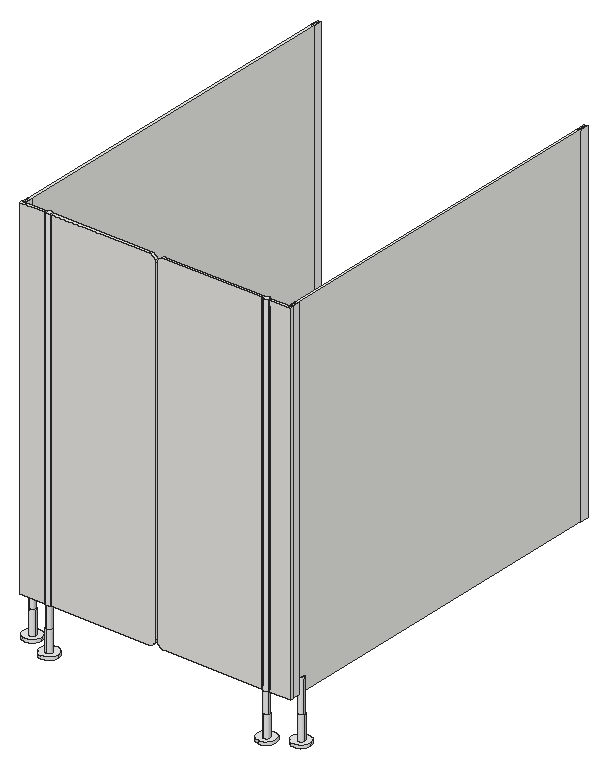
Revit family "Alsanit - Kabiny sanitarne AQUARI PRZEDSZKOLNE - HPL Wahadłowe", category Doors, Revit 2020
Family settings
  Work Plane-Based = No
  Always vertical = Yes
  Cut with Voids When Loaded = No
  Shared = No
  Room Calculation Point = No
Parameters (values of type "10 mm")
  Width = 0.00 mm  # constant formula
  Type Comments = "Kabiny sanitarne (ścianki giszetowe do WC)"
  Thickness = Grubość ścianki  # 10.00 mm
  Szerokość wewnętrzna modułu (min. 1000) [instance] = 1000.00 mm
  Szerokość wewnętrzna modułu [instance] = [Szerokość wewnętrzna modułu (min. 1000)]  # 1000.00 mm
  Szerokość drzwi (max. 1000 mm) [instance] = 800.00 mm
  Szelina prawa 1 = 23.00 mm  # constant formula
  Szczelina prawa 2 = 26.00 mm  # constant formula
  Szczelina obok drzwi prawa [instance] = 26.00 mm  # constant formula
  Szczelina obok drzwi lewa [instance] = 23.00 mm  # constant formula
  Szczelina lewa 2 = 23.00 mm  # constant formula
  Szczelina lewa 1 = 26.00 mm  # constant formula
  Rough Width = 0.00 mm  # constant formula
  Rough Height = 0.00 mm  # constant formula
  Podcięcie na geberit - prawe [instance] = no
  Podcięcie na geberit - prawa wartość [instance] = if([Podcięcie na geberit - prawe], [Szerokość wewnętrzna modułu (min. 1000)] / 2 + 50.00 mm, 5.00 mm)  # 5.00 mm
  Podcięcie na geberit - odsunięcie poziome wartość [instance] = if([Podcięcie na geberit - odsunięcie poziome] = 0.00 mm, 5.00 mm, [Podcięcie na geberit - odsunięcie poziome])  # 5.00 mm
  Podcięcie na geberit - odsunięcie poziome [instance] = 0.00 mm
  Podcięcie na geberit - odsunięcie pionowe wartość [instance] = if([Podcięcie na geberit - odsunięcie pionowe] = 0.00 mm, 5.00 mm, [Podcięcie na geberit - odsunięcie pionowe])  # 5.00 mm
  Podcięcie na geberit - odsunięcie pionowe [instance] = 0.00 mm
  Podcięcie na geberit - lewe [instance] = no
  Podcięcie na geberit - lewa wartość [instance] = if([Podcięcie na geberit - lewe], [Szerokość wewnętrzna modułu (min. 1000)] / 2 + 50.00 mm, 5.00 mm)  # 5.00 mm
  Odległość nóżki prawa [instance] = Szczelina obok drzwi prawa / 2  # 13.00 mm
  Odległość nóżki lewa [instance] = Szczelina obok drzwi lewa / 2  # 11.50 mm
  Nóżka grubość 2 [instance] = 24.00 mm  # constant formula
  Nózka grubość stopka [instance] = 70.00 mm  # constant formula
  Nożka grubość 1 [instance] = 20.00 mm  # constant formula
  Noga prawa widoczność [instance] = not([Połączenie - prawa strona] = Prawa strona przy ścianie typ)  # yes
  Noga lewa widoczność [instance] = [Połączenie - lewa strona] = Lewa strona zamknięta typ  # yes
  Krótki opis = "Kabiny sanitarne ALSANIT posiadające oznaczenie CE zgodnie z parametrami systemu"
  Height = 0.00 mm  # constant formula
  Function = Interior
  Film Instruktażowy = "https://youtu.be/qyrI1CfgFO4"
  Define Thermal Properties by = Schematic Type
  Construction Type = "Kabiny sanitarne"
  Analytic Construction = "<None>"
  Akcesoria - wzmocnienie pionowe prawe [instance] = [Odsunięcie prawej ścianki od osi (min. 60 mm)] > 399.00 mm  # no
  Akcesoria - wzmocnienie pionowe lewe [instance] = ([Szerokość wewnętrzna modułu (min. 1000)] - [Szerokość drzwi (max. 1000 mm)] - [Odsunięcie prawej ścianki od osi (min. 60 mm)]) > 400.00 mm  # no
  Wysokość ścianki łączącej [instance] = 1500.00 mm  # constant formula
  Szerokość zewnętrzna modułu [instance] = 1026.00 mm
  Szerokość obliczona [instance] = if(and(Lewa strona przy ścianie, Prawa strona przy ścianie), [Szerokość wewnętrzna modułu (min. 1000)] - 2 * (Grubość ścianki + 7.00 mm), if(or(Lewa strona przy ścianie, Prawa strona przy ścianie), [Szerokość wewnętrzna modułu (min. 1000)] - Grubość ścianki - 7.00 mm, [Szerokość wewnętrzna modułu (min. 1000)]))  # 1000.00 mm
  Odsunięcie górne ścianek frontowych [instance] = 0.00 mm  # constant formula
  Wysokość szczeliny drzwi [instance] = 170.00 mm  # constant formula
  Odsunięcie profili w ściance łączącej [instance] = 0.00 mm  # constant formula
  Wysokość modułu [instance] = 1500.00 mm  # constant formula
  Wysokość dolnej szczeliny [instance] = 170.00 mm  # constant formula
  Wysokość belek frontowych bocznych [instance] = 170.00 mm  # constant formula
  URL = "https://www.alsanit.pl/"
  Rodzaj płyt = "HPL - Wysokociśnieniowy laminat kompaktowy"
  Prawe odsunięcie belki dolnej [instance] = if(Prawa strona przy ścianie, 30.00 mm, 0.00 mm)  # 0.00 mm
  Prawa strona niepołączona [instance] = not(Prawa strona połączona)  # yes
  Model = "AQUARI"
  Manufacturer = "Alsanit"
  Lewe odsunięcie belki dolnej [instance] = if(Lewa strona przy ścianie, 30.00 mm, 0.00 mm)  # 0.00 mm
  Lewa strona niepołączona [instance] = not(Lewa strona połączona)  # yes
  Głębokość modułu (min. 1150mm - max. 1500 mm) [instance] = 1400.00 mm
  Głębokość modułu [instance] = if([Głębokość modułu (min. 1150mm - max. 1500 mm)] > 1500.00 mm, 1500.00 mm, [Głębokość modułu (min. 1150mm - max. 1500 mm)])  # 1400.00 mm
  Description = "Kabiny sanitarne to idealna kombinacja trwałości i estetyki w najnowszej cenie. Ze względu na estetyczność zastosowań jest najchętniej kupowanym systemem kabin sanitarnych w Polsce."
  Autor = "www.archispace.pl"
  Wysokość zawiasów [instance] = 1500.00 mm  # constant formula
  Ścianka łącząca [instance] = not(Prawa strona przy ścianie)  # yes
  Szerokość drzwi [instance] = if([Szerokość drzwi (max. 1000 mm)] > 1000.00 mm, 1000.00 mm, [Szerokość drzwi (max. 1000 mm)])  # 800.00 mm
  Prawe odsunięcie osi [instance] = if(Prawa strona zamknięta, Grubość ścianki / 2 + 3.00 mm, if(Prawa strona przy ścianie, Grubość ścianki / 2 + 7.00 mm, 0.00 mm))  # 8.00 mm
  Prawa strona zamknięta typ = Rodzaj połączenia : Zamknięta
  Prawa strona zamknięta [instance] = [Połączenie - prawa strona] = Prawa strona zamknięta typ  # yes
  Prawa strona przy ścianie typ = Rodzaj połączenia : Przy ścianie
  Prawa strona przy ścianie [instance] = [Połączenie - prawa strona] = Prawa strona przy ścianie typ  # no
  Prawa strona połączona typ = Rodzaj połączenia : Połączona
  Prawa strona połączona [instance] = [Połączenie - prawa strona] = Prawa strona połączona typ  # no
  Prawe odsunięcie osi panelu [instance] = if(Prawa strona przy ścianie, 10.00 mm, 0.00 mm)  # 0.00 mm
  Odsunięcie prawej ścianki od osi (min. 60 mm) [instance] = 100.00 mm
  Połączenie - prawa strona [instance] = Rodzaj połączenia : Zamknięta
  Materiał płyt = Alsanit - LPW - Biały 9016
  Materiał okuć = Alsanit - Aluminium
  Materiał wsporników = Alsanit - Aluminium
  Materiał belek = Alsanit - Aluminium
  Lewe odsunięcie osi panelu [instance] = if(Lewa strona przy ścianie, 10.00 mm, 0.00 mm)  # 0.00 mm
  Lewe odsunięcie osi [instance] = if(Lewa strona zamknięta, Grubość ścianki / 2 + 3.00 mm, if(Lewa strona przy ścianie, Grubość ścianki / 2 + 7.00 mm, 0.00 mm))  # 8.00 mm
  Lewa strona zamknięta typ = Rodzaj połączenia : Zamknięta
  Lewa strona zamknięta [instance] = [Połączenie - lewa strona] = Lewa strona zamknięta typ  # yes
  Lewa strona przy ścianie typ = Rodzaj połączenia : Przy ścianie
  Lewa strona przy ścianie [instance] = [Połączenie - lewa strona] = Lewa strona przy ścianie typ  # no
  Lewa strona połączona typ = Rodzaj połączenia : Połączona
  Lewa strona połączona [instance] = [Połączenie - lewa strona] = Lewa strona połączona typ  # no
  Odsunięcie lewej ścianki od osi (min. 60 mm) [instance] = 91.00 mm
  Połączenie - lewa strona [instance] = Rodzaj połączenia : Zamknięta
  Grubość ścianki = 10.00 mm
  Default Elevation = 0.00 mm
Types (2, lengths in mm): name | Thickness | Szerokość zewnętrzna modułu | Prawe odsunięcie osi | Lewe odsunięcie osi | Grubość ścianki
  10 mm | 10.00 | 1026.00 | 8.00 | 8.00 | 10.00
  12 mm | 12.00 | 1030.00 | 9.00 | 9.00 | 12.00
Reference planes
  plane 1 "Center (Front/Back)": y = 0
  plane 2: z = 0
  plane 3 "Center (Left/Right)": x = 0
  plane 4: x = -500
  plane 5: x = 500
  plane 6: x = 505
  plane 7: x = 510
  plane 8: x = -505
  plane 9: x = -510
  plane 10: y = -1400
  plane 11: y = -1410
  plane 12: y = -10
  plane 13: y = -1394
  plane 14: y = -1405
  plane 15 "Lewa oś wstawienia": x = -513
  plane 16 "Prawa oś wstawienia": x = 513
  plane 17: y = -1334.5
  plane 18: x = 431
  plane 19: x = 405
  plane 20: x = -395
  plane 21: x = -418
  plane 22 "Prawe odsunięcie osi panelu": x = 513
  plane 23 "Lewe odsunięcie osi panelu": x = -513
  plane 24: x = 5
  plane 25: z = 170
  plane 26 "Wysokość modułu": z = 1500
  plane 27 "Odsunięcie górne ścianek frontowych": z = 1500
  plane 28: y = -1398.5
  plane 29: x = -513
  plane 30: x = 513
  plane 31: z = 100
  plane 32: z = 225.5
  plane 33: z = 1470
  plane 34: z = 170
  plane 35: x = -513
  plane 36: x = 513
  plane 37: z = 170
  plane 38: z = 1500
  plane 39: z = 1470
  plane 40: z = 1470
  plane 41: z = 1500
  plane 42: z = 1500
  plane 43: z = 1470
  plane 44: x = 606
  plane 45: x = -600
  plane 46: z = 1500
  plane 47: z = 1500
  plane 48: z = 1500
  plane 49: z = 1500
  plane 50: x = -605
  plane 51: x = -595
  plane 52: x = 601
  plane 53: x = 611
  plane 54: x = -5
  plane 55: x = 5
  plane 56: z = 5
  plane 57: y = -5
  plane 58: z = 5
  plane 59: y = -5
  plane 60: y = -1355
  plane 61: z = 10
  plane 62: z = 10
Forms (mm)
  Sweep 1, solid, material "Alsanit - LPW - Biały 9016" <- "Materiał płyt", visible <- "Ścianka łącząca"
    path origin (0, 0, 0) x (1, 0, 0) y (0, 0, 1)
      loop
        line (505, 170) -> (505, 1500)
    profile origin (505, 0, 835) x (-1, 0, 0) y (0, -1, 0)
      loop
        line (5, 10) -> (5, 1394) -> (-5, 1394) -> (-5, 10) -> (5, 10)
  Sweep 2, solid, material "Alsanit - LPW - Biały 9016" <- "Materiał płyt", visible <- "Lewa strona zamknięta"
    path origin (0, 0, 0) x (-1, 0, 0) y (0, 0, 1)
      loop
        line (505, 170) -> (505, 1500)
    profile origin (-505, 0, 835) x (-1, 0, 0) y (0, -1, 0)
      loop
        line (-5, 10) -> (5, 10) -> (5, 1394) -> (-5, 1394) -> (-5, 10)
  Sweep 3, solid, material "Alsanit - Aluminium" <- "Materiał belek", visible <- "Ścianka łącząca", detail levels medium+fine
    path origin (0, 0, 0) x (1, 0, 0) y (0, 0, 1)
      loop
        line (505, 1500) -> (505, 170)
    profile "U-profile : U-profile" origin (505, 0, 835) x (1, 0, 0) y (0, -1, 0)
      loop
        line (6.5, 0) -> (6.5, 30) -> (5, 30) -> (5, 1.5) -> (-5, 1.5) -> (-5, 30) -> (-6.5, 30) -> (-6.5, 0) -> (6.5, 0)
  Sweep 4, solid, material "Alsanit - Aluminium" <- "Materiał belek", visible <- "Lewa strona zamknięta", detail levels medium+fine
    path origin (0, 0, 0) x (-1, 0, 0) y (0, 0, 1)
      loop
        line (505, 1500) -> (505, 170)
    profile "U-profile : U-profile" origin (-505, 0, 835) x (1, 0, 0) y (0, -1, 0)
      loop
        line (6.5, 0) -> (6.5, 30) -> (5, 30) -> (5, 1.5) -> (-5, 1.5) -> (-5, 30) -> (-6.5, 30) -> (-6.5, 0) -> (6.5, 0)
  Sweep 5, solid, material "Alsanit - Aluminium" <- "Materiał belek", visible <- "Lewa strona zamknięta", detail levels medium+fine
    path origin (673.537, -1400, 1200) x (1, 0, 0) y (0, 0, 1)
      loop
        line (-1178.537, 300) -> (-1178.537, -1030)
    profile "U-profile : U-profile" origin (-505, -1400, 835) x (1, 0, 0) y (0, -1, 0)
      loop
        line (-6.5, 0) -> (-6.5, -30) -> (-5, -30) -> (-5, -1.5) -> (5, -1.5) -> (5, -30) -> (6.5, -30) -> (6.5, 0) -> (-6.5, 0)
  Sweep 6, solid, material "Alsanit - Aluminium" <- "Materiał belek", visible <- "Ścianka łącząca", detail levels medium+fine
    path origin (673.537, -1400, 1200) x (1, 0, 0) y (0, 0, 1)
      loop
        line (-168.537, 300) -> (-168.537, -1030)
    profile "U-profile : U-profile" origin (505, -1400, 835) x (1, 0, 0) y (0, -1, 0)
      loop
        line (-6.5, 0) -> (-6.5, -30) -> (-5, -30) -> (-5, -1.5) -> (5, -1.5) -> (5, -30) -> (6.5, -30) -> (6.5, 0) -> (-6.5, 0)
  Extrusion 7, solid, material "Alsanit - LPW - Biały 9016" <- "Materiał płyt", detail levels medium+fine
    sketch origin (0, 0, 0) x (1, 0, 0) y (0, 1, 0)
      loop
        line (-513, -1400) -> (-513, -1410) -> (-418, -1410) -> (-418, -1400) -> (-513, -1400)
    from 170 to 1500
  Extrusion 8, solid, material "Alsanit - LPW - Biały 9016" <- "Materiał płyt", detail levels medium+fine
    sketch origin (0, 0, 0) x (-1, 0, 0) y (0, -1, 0)
      loop
        line (-513, 1400) -> (-431, 1400) -> (-431, 1410) -> (-513, 1410) -> (-513, 1400)
    from 170 to 1500
  Sweep 9, solid, material "Alsanit - Aluminium" <- "Materiał belek", visible <- "Lewa strona przy ścianie", detail levels medium+fine
    path origin (-771.956, -1405, 1200) x (-1, 0, 0) y (0, 0, 1)
      loop
        line (-258.956, -1030) -> (-258.956, 270)
    profile "U-profile : U-profile" origin (-513, -1405, 820) x (1, 0, 0) y (0, 1, 0)
      loop
        line (0, -6.5) -> (30, -6.5) -> (30, -5) -> (1.5, -5) -> (1.5, 5) -> (30, 5) -> (30, 6.5) -> (0, 6.5) -> (0, -6.5)
  Sweep 10, solid, material "Alsanit - Aluminium" <- "Materiał belek", visible <- "Prawa strona przy ścianie", detail levels medium+fine
    path origin (771.956, -1405, 1200) x (1, 0, 0) y (0, 0, -1)
      loop
        line (-258.956, 1030) -> (-258.956, -270)
    profile "U-profile : U-profile" origin (513, -1405, 820) x (1, 0, 0) y (0, 1, 0)
      loop
        line (0, 6.5) -> (-30, 6.5) -> (-30, 5) -> (-1.5, 5) -> (-1.5, -5) -> (-30, -5) -> (-30, -6.5) -> (0, -6.5) -> (0, 6.5)
  Extrusion 11, solid, material "Alsanit - LPW - Biały 9016" <- "Materiał płyt", detail levels coarse
    sketch origin (0, 0, 0) x (1, 0, 0) y (0, 1, 0)
      loop
        line (-513, -1400) -> (-513, -1410) -> (513, -1410) -> (513, -1400) -> (-513, -1400)
    from 170 to 1500
  Sweep 12, solid, material "Alsanit - LPW - Biały 9016" <- "Materiał płyt", visible <- "Akcesoria - wzmocnienie pionowe prawe", detail levels medium+fine
    path origin (-771.956, -1405, 1200) x (-1, 0, 0) y (0, 0, 1)
      loop
        line (-1377.956, -1030) -> (-1377.956, 300)
    profile origin (606, -1405, 835) x (1, 0, 0) y (0, 1, 0)
      loop
        line (-5, 11) -> (5, 11) -> (5, 106) -> (-5, 106) -> (-5, 11)
  Sweep 13, solid, material "Alsanit - Aluminium" <- "Materiał belek", visible <- "Akcesoria - wzmocnienie pionowe prawe", detail levels medium+fine
    path origin (673.537, -1400, 1200) x (1, 0, 0) y (0, 0, 1)
      loop
        line (-67.537, -1030) -> (-67.537, 300)
    profile "U-profile : U-profile" origin (606, -1400, 835) x (-1, 0, 0) y (0, -1, 0)
      loop
        line (-6.5, 0) -> (-6.5, -30) -> (-5, -30) -> (-5, -1.5) -> (5, -1.5) -> (5, -30) -> (6.5, -30) -> (6.5, 0) -> (-6.5, 0)
  Sweep 14, solid, material "Alsanit - LPW - Biały 9016" <- "Materiał płyt", visible <- "Akcesoria - wzmocnienie pionowe lewe", detail levels medium+fine
    path origin (1162.956, -1405, 1200) x (1, 0, 0) y (0, 0, -1)
      loop
        line (-1762.956, 1030) -> (-1762.956, -300)
    profile origin (-600, -1405, 835) x (1, 0, 0) y (0, 1, 0)
      loop
        line (5, 11) -> (5, 106) -> (-5, 106) -> (-5, 11) -> (5, 11)
  Sweep 15, solid, material "Alsanit - Aluminium" <- "Materiał belek", visible <- "Akcesoria - wzmocnienie pionowe lewe", detail levels medium+fine
    path origin (673.537, -1400, 1200) x (1, 0, 0) y (0, 0, 1)
      loop
        line (-1273.537, -1030) -> (-1273.537, 300)
    profile "U-profile : U-profile" origin (-600, -1400, 835) x (-1, 0, 0) y (0, -1, 0)
      loop
        line (6.5, 0) -> (-6.5, 0) -> (-6.5, -30) -> (-5, -30) -> (-5, -1.5) -> (5, -1.5) -> (5, -30) -> (6.5, -30) -> (6.5, 0)
  Sweep 16, void
    path origin (0, 0, 0) x (1, 0, 0) y (0, 1, 0)
      loop
        line (0, 0) -> (-5, 0)
    profile origin (-2.5, 0, 0) x (0, -1, 0) y (0, 0, 1)
      loop
        line (0, 5) -> (0, 0) -> (5, 0) -> (5, 5) -> (0, 5)
  Sweep 17, void
    path origin (0, 0, 0) x (-1, 0, 0) y (0, -1, 0)
      loop
        line (0, 0) -> (-5, 0)
    profile origin (2.5, 0, 0) x (0, 1, 0) y (0, 0, 1)
      loop
        line (0, 5) -> (-5, 5) -> (-5, 0) -> (0, 0) -> (0, 5)
  Sweep 18, solid, material "Alsanit - Aluminium" <- "Materiał wsporników", visible <- "Lewa strona zamknięta"
    path origin (-771.956, -1405, 1200) x (-1, 0, 0) y (0, 0, 1)
      loop
        line (-266.956, -974.5) -> (-266.956, -1100)
    profile origin (-505, -1405, 162.75) x (0, 1, 0) y (-1, 0, 0)
      loop
        circle (50, 5) r 10
  Sweep 19, solid, material "Alsanit - Aluminium" <- "Materiał wsporników", visible <- "Lewa strona zamknięta"
    path origin (-771.956, -1405, 1200) x (-1, 0, 0) y (0, 0, 1)
      loop
        line (-266.956, -1190) -> (-266.956, -1100)
    profile origin (-505, -1405, 55) x (1, 0, 0) y (0, 1, 0)
      loop
        circle (-5, 50) r 12
  Sweep 20, solid, material "Alsanit - Aluminium" <- "Materiał wsporników", visible <- "Lewa strona zamknięta"
    path origin (-771.956, -1405, 1200) x (-1, 0, 0) y (0, 0, 1)
      loop
        line (-266.956, -1200) -> (-266.956, -1190)
    profile origin (-505, -1405, 5) x (1, 0, 0) y (0, 1, 0)
      loop
        circle (-5, 50) r 35
  Sweep 21, solid, material "Alsanit - Aluminium" <- "Materiał wsporników", visible <- "Prawa strona zamknięta"
    path origin (-771.956, -1405, 1200) x (-1, 0, 0) y (0, 0, 1)
      loop
        line (-1276.956, -1100) -> (-1276.956, -974.5)
    profile origin (505, -1405, 162.75) x (1, 0, 0) y (0, 1, 0)
      loop
        circle (5, 50) r 10
  Sweep 22, solid, material "Alsanit - Aluminium" <- "Materiał wsporników", visible <- "Prawa strona zamknięta"
    path origin (-771.956, -1405, 1200) x (-1, 0, 0) y (0, 0, 1)
      loop
        line (-1276.956, -1190) -> (-1276.956, -1100)
    profile origin (505, -1405, 55) x (1, 0, 0) y (0, 1, 0)
      loop
        circle (5, 50) r 12
  Sweep 23, solid, material "Alsanit - Aluminium" <- "Materiał wsporników", visible <- "Prawa strona zamknięta"
    path origin (-771.956, -1405, 1200) x (-1, 0, 0) y (0, 0, 1)
      loop
        line (-1276.956, -1200) -> (-1276.956, -1190)
    profile origin (505, -1405, 5) x (1, 0, 0) y (0, 1, 0)
      loop
        circle (5, 50) r 35
  Sweep 24, solid, material "Alsanit - Aluminium" <- "Materiał wsporników", visible <- "Akcesoria - wzmocnienie pionowe lewe"
    path origin (-771.956, -1405, 1200) x (-1, 0, 0) y (0, 0, 1)
      loop
        line (-171.956, -1030) -> (-171.956, -1100)
    profile origin (-600, -1405, 135) x (0, 1, 0) y (-1, 0, 0)
      loop
        circle (50, 0) r 10
  Sweep 25, solid, material "Alsanit - Aluminium" <- "Materiał wsporników", visible <- "Akcesoria - wzmocnienie pionowe lewe"
    path origin (-771.956, -1405, 1200) x (-1, 0, 0) y (0, 0, 1)
      loop
        line (-171.956, -1190) -> (-171.956, -1100)
    profile origin (-600, -1405, 55) x (1, 0, 0) y (0, 1, 0)
      loop
        circle (0, 50) r 12
  Sweep 26, solid, material "Alsanit - Aluminium" <- "Materiał wsporników", visible <- "Akcesoria - wzmocnienie pionowe lewe"
    path origin (-771.956, -1405, 1200) x (-1, 0, 0) y (0, 0, 1)
      loop
        line (-171.956, -1200) -> (-171.956, -1190)
    profile origin (-600, -1405, 5) x (1, 0, 0) y (0, 1, 0)
      loop
        circle (0, 50) r 35
  Sweep 27, solid, material "Alsanit - Aluminium" <- "Materiał wsporników", visible <- "Akcesoria - wzmocnienie pionowe prawe"
    path origin (-771.956, -1405, 1200) x (-1, 0, 0) y (0, 0, 1)
      loop
        line (-1377.956, -1030) -> (-1377.956, -1100)
    profile origin (606, -1405, 135) x (0, 1, 0) y (-1, 0, 0)
      loop
        circle (50, 0) r 10
  Sweep 28, solid, material "Alsanit - Aluminium" <- "Materiał wsporników", visible <- "Akcesoria - wzmocnienie pionowe prawe"
    path origin (-771.956, -1405, 1200) x (-1, 0, 0) y (0, 0, 1)
      loop
        line (-1377.956, -1100) -> (-1377.956, -1190)
    profile origin (606, -1405, 55) x (0, 1, 0) y (-1, 0, 0)
      loop
        circle (50, 0) r 12
  Sweep 29, solid, material "Alsanit - Aluminium" <- "Materiał wsporników", visible <- "Akcesoria - wzmocnienie pionowe prawe"
    path origin (-771.956, -1405, 1200) x (-1, 0, 0) y (0, 0, 1)
      loop
        line (-1377.956, -1200) -> (-1377.956, -1190)
    profile origin (606, -1405, 5) x (1, 0, 0) y (0, 1, 0)
      loop
        circle (0, 50) r 35
Cuts and joins
  Sweep 16 cuts Sweep 4
  Sweep 16 cuts Sweep 2
  Sweep 17 cuts Sweep 1
  Sweep 17 cuts Sweep 3
  joined: Sweep 18, Sweep 19, Sweep 20
  joined: Sweep 21, Sweep 22, Sweep 23
  joined: Sweep 24, Sweep 25, Sweep 26
  joined: Sweep 27, Sweep 28, Sweep 29
Lines and regions (mm)
  model lines, style "Doors", detail levels medium+fine
    curve 1: line (431, -1410, 1500) -> (431, -1410, 170)
    curve 3: line (513, -1410, 1500) -> (431, -1410, 1500)
    curve 6: line (-418, -1410, 170) -> (-418, -1410, 1500)
    curve 7: line (-418, -1410, 1500) -> (-513, -1410, 1500)
    curve 10: line (-418, -1400, 170) -> (-418, -1410, 170)
    curve 11: line (431, -1400, 170) -> (431, -1410, 170)
    curve 14: line (-418, -1400, 1500) -> (-418, -1410, 1500)
    curve 15: line (431, -1400, 1500) -> (431, -1410, 1500)
    curve 17: line (431, -1400, 1500) -> (431, -1400, 170)
    curve 19: line (513, -1400, 1500) -> (431, -1400, 1500)
    curve 20: line (431, -1400, 170) -> (513, -1400, 170)
    curve 22: line (-418, -1400, 170) -> (-418, -1400, 1500)
    curve 23: line (-418, -1400, 1500) -> (-513, -1400, 1500)
    curve 24: line (-513, -1400, 170) -> (-418, -1400, 170)
  model lines, style "Doors", visible <- "Prawa strona niepołączona", detail levels medium+fine
    curve 2: line (513, -1410, 170) -> (513, -1410, 1500)
    curve 12: line (513, -1400, 170) -> (513, -1410, 170)
    curve 16: line (513, -1400, 1500) -> (513, -1410, 1500)
    curve 18: line (513, -1400, 170) -> (513, -1400, 1500)
  model lines, style "Doors"
    curve 4: line (431, -1410, 170) -> (513, -1410, 170)
    curve 8: line (-513, -1410, 170) -> (-418, -1410, 170)
  model lines, style "Doors", visible <- "Lewa strona niepołączona", detail levels medium+fine
    curve 5: line (-513, -1410, 1500) -> (-513, -1410, 170)
    curve 9: line (-513, -1400, 170) -> (-513, -1410, 170)
    curve 13: line (-513, -1400, 1500) -> (-513, -1410, 1500)
    curve 21: line (-513, -1400, 1500) -> (-513, -1400, 170)
Dimensions and locks
  equal spacing: plane 5, plane 6, plane 7
  "Grubość ścianki": plane 5 to plane 7
  equal spacing: plane 9, plane 8, plane 4
  "Grubość ścianki": plane 9 to plane 4
  "Głębokość modułu": plane 10 to plane 1 "Center (Front/Back)"
  "Grubość ścianki": plane 11 to plane 10
  locked: plane 12 to plane 1 "Center (Front/Back)" at 10
  locked: plane 10 to plane 13 at 6
  equal spacing: plane 10, plane 14, plane 11
  equal spacing: plane 4, plane 3 "Center (Left/Right)", plane 5
  "Szerokość obliczona": plane 4 to plane 5
  "Lewe odsunięcie osi": plane 15 "Lewa oś wstawienia" to plane 8
  "Prawe odsunięcie osi": plane 6 to plane 16 "Prawa oś wstawienia"
  locked: plane 10 to plane 17 at 65.5
  "Szerokość drzwi": plane 20 to plane 19
  equal spacing: plane 20, plane 24, plane 19
  "Wysokość modułu": plane 26 "Wysokość modułu" to plane 2
  locked: plane 10 to plane 28 at 1.5
  "Wysokość dolnej szczeliny": plane 25 to level
  locked: plane 31 to plane 2 at 100
  plane 15 "Lewa oś wstawienia" to plane 29 = 0.00 mm
  plane 30 to plane 16 "Prawa oś wstawienia" = 0.00 mm
  locked: plane 32 to plane 25 at 55.5
  locked: plane 26 "Wysokość modułu" to plane 33 at 30
  "Lewe odsunięcie osi panelu": plane 15 "Lewa oś wstawienia" to plane 23 "Lewe odsunięcie osi panelu"
  "Prawe odsunięcie osi panelu": plane 22 "Prawe odsunięcie osi panelu" to plane 16 "Prawa oś wstawienia"
  plane 34 to plane 25 = 0.00 mm
  "Lewe odsunięcie belki dolnej": plane 15 "Lewa oś wstawienia" to plane 35
  "Prawe odsunięcie belki dolnej": plane 36 to plane 16 "Prawa oś wstawienia"
  "Wysokość belek frontowych bocznych": plane 37 to plane 2
  "Wysokość ścianki łączącej": plane 38 to level
  plane 26 "Wysokość modułu" to plane 39 = 30.00 mm
  plane 26 "Wysokość modułu" to plane 40 = 30.00 mm
  "Odsunięcie górne ścianek frontowych": plane 26 "Wysokość modułu" to plane 27 "Odsunięcie górne ścianek frontowych"
  "Odsunięcie profili w ściance łączącej": plane 38 to plane 41
  "Odsunięcie profili w ściance łączącej": plane 38 to plane 42
  plane 26 "Wysokość modułu" to plane 43 = 30.00 mm
  "Szerokość zewnętrzna modułu": plane 15 "Lewa oś wstawienia" to plane 16 "Prawa oś wstawienia"
  plane 48 to level = 1500.00 mm
  plane 49 to level = 1500.00 mm
  equal spacing: plane 50, plane 45, plane 51
  "Grubość ścianki": plane 50 to plane 51
  equal spacing: plane 52, plane 44, plane 53
  "Grubość ścianki": plane 52 to plane 53
  "Podcięcie na geberit - lewa wartość": plane 54 to plane 3 "Center (Left/Right)"
  "Podcięcie na geberit - prawa wartość": plane 3 "Center (Left/Right)" to plane 55
  "Podcięcie na geberit - odsunięcie poziome wartość": plane 1 "Center (Front/Back)" to plane 57
  "Podcięcie na geberit - odsunięcie pionowe wartość": plane 56 to level
  "Podcięcie na geberit - odsunięcie pionowe wartość": plane 58 to level
  "Podcięcie na geberit - odsunięcie poziome wartość": plane 1 "Center (Front/Back)" to plane 59
  locked: plane 10 to plane 60 at 45
  equal spacing: Sweep 18 sketch curve, plane 60, Sweep 18 sketch curve
  equal spacing: Sweep 19 sketch curve, plane 60, Sweep 19 sketch curve
  equal spacing: Sweep 20 sketch curve, plane 60, Sweep 20 sketch curve
  equal spacing: Sweep 21 sketch curve, plane 60, Sweep 21 sketch curve
  equal spacing: Sweep 22 sketch curve, plane 60, Sweep 22 sketch curve
  equal spacing: Sweep 23 sketch curve, plane 60, Sweep 23 sketch curve
  "Szczelina obok drzwi lewa": plane 21 to plane 20
  "Szczelina obok drzwi prawa": plane 19 to plane 18
  "Odsunięcie prawej ścianki od osi (min. 60 mm)": plane 19 to plane 6
  plane 20 to plane 8 = 110.00 mm
  locked: plane 19 to plane 44 at 201
  locked: plane 45 to plane 20 at 205
  equal spacing: Sweep 24 sketch curve, plane 60, Sweep 24 sketch curve
  equal spacing: Sweep 24 sketch curve, plane 45, Sweep 24 sketch curve
  equal spacing: Sweep 25 sketch curve, plane 60, Sweep 25 sketch curve
  equal spacing: Sweep 25 sketch curve, plane 45, Sweep 25 sketch curve
  equal spacing: Sweep 26 sketch curve, plane 45, Sweep 26 sketch curve
  equal spacing: Sweep 26 sketch curve, plane 60, Sweep 26 sketch curve
  equal spacing: Sweep 27 sketch curve, plane 60, Sweep 27 sketch curve
  equal spacing: Sweep 27 sketch curve, plane 44, Sweep 27 sketch curve
  equal spacing: Sweep 28 sketch curve, plane 60, Sweep 28 sketch curve
  equal spacing: Sweep 28 sketch curve, plane 44, Sweep 28 sketch curve
  equal spacing: Sweep 29 sketch curve, plane 60, Sweep 29 sketch curve
  equal spacing: Sweep 29 sketch curve, plane 44, Sweep 29 sketch curve
  equal spacing: Sweep 18 sketch curve, plane 9, Sweep 18 sketch curve
  equal spacing: Sweep 19 sketch curve, plane 9, Sweep 19 sketch curve
  equal spacing: Sweep 20 sketch curve, plane 9, Sweep 20 sketch curve
  equal spacing: Sweep 23 sketch curve, plane 7, Sweep 23 sketch curve
  equal spacing: Sweep 22 sketch curve, plane 7, Sweep 22 sketch curve
  equal spacing: Sweep 21 sketch curve, plane 7, Sweep 21 sketch curve
  "Nożka grubość 1": diameter of Sweep 18 sketch curve
  "Nóżka grubość 2": diameter of Sweep 19 sketch curve
  "Nózka grubość stopka": diameter of Sweep 20 sketch curve
  "Nożka grubość 1": diameter of Sweep 24 sketch curve
  "Nóżka grubość 2": diameter of Sweep 25 sketch curve
  "Nózka grubość stopka": diameter of Sweep 26 sketch curve
  "Nożka grubość 1": diameter of Sweep 27 sketch curve
  "Nóżka grubość 2": diameter of Sweep 28 sketch curve
  "Nózka grubość stopka": diameter of Sweep 29 sketch curve
  diameter of Sweep 23 sketch curve = 70.00 mm
  "Nóżka grubość 2": diameter of Sweep 22 sketch curve
  "Nożka grubość 1": diameter of Sweep 21 sketch curve
  aligned and locked: level to plane 2
  aligned and locked: plane 5 to Sweep 1 sketch curve
  aligned and locked: Sweep 1 sketch curve to plane 7
  aligned and locked: Sweep 1 sketch curve to plane 13
  aligned and locked: plane 12 to Sweep 1 sketch curve
  aligned and locked: Sweep 2 sketch curve to plane 12
  aligned and locked: plane 9 to Sweep 2 sketch curve
  aligned and locked: plane 4 to Sweep 2 sketch curve
  aligned and locked: plane 13 to Sweep 2 sketch curve
  aligned and locked: plane 6 to Sweep 3 sketch curve
  aligned and locked: Sweep 4 sketch curve to plane 8
  aligned and locked: Sweep 1 sketch curve to plane 6
  aligned and locked: plane 8 to Sweep 2 sketch curve
  aligned and locked: Extrusion 7 sketch curve to plane 21
  aligned and locked: plane 11 to Extrusion 7 sketch curve
  aligned and locked: plane 10 to Extrusion 7 sketch curve
  aligned and locked: Extrusion 7 sketch curve to plane 23 "Lewe odsunięcie osi panelu"
  aligned and locked: Extrusion 8 sketch curve to plane 11
  aligned and locked: Extrusion 8 sketch curve to plane 10
  aligned and locked: plane 22 "Prawe odsunięcie osi panelu" to Extrusion 8 sketch curve
  aligned and locked: plane 10 to nested 1
  aligned and locked: nested 2 to nested 1
  aligned and locked: nested 2 to plane 10
  aligned and locked: nested 2 to level
  aligned and locked: level to nested 1
  aligned and locked: plane 10 to Extrusion 11 sketch curve
  aligned and locked: plane 11 to Extrusion 11 sketch curve
  aligned and locked: plane 15 "Lewa oś wstawienia" to Extrusion 11 sketch curve
  aligned and locked: Extrusion 11 sketch curve to plane 16 "Prawa oś wstawienia"
  aligned and locked: Extrusion 7 to plane 25
  aligned and locked: Extrusion 8 to plane 25
  aligned and locked: curve 4 to plane 25
  aligned and locked: plane 25 to curve 2
  aligned and locked: plane 22 "Prawe odsunięcie osi panelu" to curve 2
  aligned and locked: plane 22 "Prawe odsunięcie osi panelu" to curve 3
  aligned and locked: curve 8 to plane 25
  aligned and locked: plane 23 "Lewe odsunięcie osi panelu" to curve 5
  aligned and locked: plane 21 to curve 6
  aligned and locked: plane 11 to curve 9
  aligned and locked: plane 10 to curve 9
  aligned and locked: curve 10 to plane 21
  aligned and locked: plane 11 to curve 10
  aligned and locked: plane 10 to curve 10
  aligned and locked: curve 11 to plane 18
  aligned and locked: plane 10 to curve 11
  aligned and locked: plane 11 to curve 11
  aligned and locked: plane 10 to curve 12
  aligned and locked: plane 11 to curve 12
  aligned and locked: curve 12 to plane 22 "Prawe odsunięcie osi panelu"
  aligned and locked: plane 10 to curve 13
  aligned and locked: plane 11 to curve 13
  aligned and locked: plane 11 to curve 14
  aligned and locked: plane 10 to curve 14
  aligned and locked: curve 14 to plane 21
  aligned and locked: plane 11 to curve 15
  aligned and locked: plane 10 to curve 15
  aligned and locked: curve 15 to plane 18
  aligned and locked: plane 10 to curve 16
  aligned and locked: plane 11 to curve 16
  aligned and locked: curve 16 to plane 22 "Prawe odsunięcie osi panelu"
  aligned and locked: plane 23 "Lewe odsunięcie osi panelu" to curve 13
  aligned and locked: plane 23 "Lewe odsunięcie osi panelu" to curve 9
  aligned and locked: plane 16 "Prawa oś wstawienia" to Sweep 10 sketch curve
  aligned and locked: plane 15 "Lewa oś wstawienia" to Sweep 9 sketch curve
  aligned and locked: plane 6 to Sweep 6 sketch curve
  aligned and locked: Extrusion 7 to plane 27 "Odsunięcie górne ścianek frontowych"
  aligned and locked: Extrusion 8 to plane 27 "Odsunięcie górne ścianek frontowych"
  aligned and locked: curve 23 to plane 27 "Odsunięcie górne ścianek frontowych"
  aligned and locked: curve 7 to plane 27 "Odsunięcie górne ścianek frontowych"
  aligned and locked: curve 3 to plane 27 "Odsunięcie górne ścianek frontowych"
  aligned and locked: curve 19 to plane 27 "Odsunięcie górne ścianek frontowych"
  aligned and locked: plane 25 to Sweep 1 sketch curve
  aligned and locked: plane 25 to Sweep 2 sketch curve
  aligned and locked: Extrusion 11 to plane 25
  aligned and locked: plane 23 "Lewe odsunięcie osi panelu" to curve 21
  aligned and locked: plane 22 "Prawe odsunięcie osi panelu" to curve 18
  aligned and locked: plane 34 to Sweep 5 sketch curve
  aligned and locked: plane 34 to Sweep 4 sketch curve
  aligned and locked: plane 34 to Sweep 3 sketch curve
  aligned and locked: plane 34 to Sweep 6 sketch curve
  aligned and locked: plane 37 to Sweep 9 sketch curve
  aligned and locked: Sweep 10 sketch curve to plane 37
  aligned and locked: plane 38 to Sweep 1 sketch curve
  aligned and locked: plane 39 to Sweep 9 sketch curve
  aligned and locked: plane 41 to Sweep 6 sketch curve
  aligned and locked: plane 42 to Sweep 3 sketch curve
  aligned and locked: plane 43 to Sweep 10 sketch curve
  aligned and locked: Sweep 12 sketch curve to plane 44
  aligned and locked: plane 45 to Sweep 14 sketch curve
  aligned and locked: plane 45 to Sweep 15 sketch curve
  aligned and locked: plane 46 to Sweep 15 sketch curve
  aligned and locked: plane 48 to Sweep 13 sketch curve
  aligned and locked: plane 49 to Sweep 12 sketch curve
  aligned and locked: Sweep 14 sketch curve to plane 13
  aligned and locked: plane 13 to Sweep 12 sketch curve
  aligned and locked: plane 54 to Sweep 16 sketch curve
  aligned and locked: plane 3 "Center (Left/Right)" to Sweep 16 sketch curve
  aligned and locked: Sweep 16 sketch curve to plane 1 "Center (Front/Back)"
  aligned and locked: Sweep 16 sketch curve to plane 56
  aligned and locked: Sweep 16 sketch curve to plane 57
  aligned and locked: level to Sweep 16 sketch curve
  aligned and locked: plane 1 "Center (Front/Back)" to Sweep 16 sketch curve
  aligned and locked: Sweep 17 sketch curve to plane 58
  aligned and locked: plane 59 to Sweep 17 sketch curve
  aligned and locked: plane 3 "Center (Left/Right)" to Sweep 17 sketch curve
  aligned and locked: plane 55 to Sweep 17 sketch curve
  aligned and locked: plane 1 "Center (Front/Back)" to Sweep 17 sketch curve  (x2)
  aligned and locked: level to Sweep 17 sketch curve
  aligned and locked: plane 32 to Sweep 18 sketch curve
  aligned and locked: plane 31 to Sweep 18 sketch curve
  aligned and locked: plane 31 to Sweep 19 sketch curve
  aligned and locked: plane 61 to Sweep 19 sketch curve
  aligned and locked: plane 62 to Sweep 20 sketch curve
  aligned and locked: level to Sweep 20 sketch curve
  aligned and locked: plane 32 to Sweep 21 sketch curve
  aligned and locked: plane 31 to Sweep 21 sketch curve
  aligned and locked: plane 31 to Sweep 22 sketch curve
  aligned and locked: plane 62 to Sweep 22 sketch curve
  aligned and locked: plane 62 to Sweep 23 sketch curve
  aligned and locked: level to Sweep 23 sketch curve
  aligned and locked: plane 37 to Sweep 14 sketch curve
  aligned and locked: plane 38 to Sweep 2 sketch curve
  aligned and locked: plane 38 to Sweep 4 sketch curve
  aligned and locked: plane 38 to Sweep 5 sketch curve
  aligned and locked: plane 47 to Sweep 14 sketch curve
  aligned and locked: Extrusion 8 to plane 18
  aligned and locked: curve 1 to plane 18
  aligned and locked: curve 17 to plane 18
  aligned and locked: nested 1 to plane 24
  aligned and locked: plane 38 to Extrusion 11
  aligned and locked: plane 46 to plane 27 "Odsunięcie górne ścianek frontowych"
  aligned and locked: plane 47 to plane 27 "Odsunięcie górne ścianek frontowych"
  aligned and locked: plane 48 to plane 27 "Odsunięcie górne ścianek frontowych"
  aligned and locked: plane 49 to plane 27 "Odsunięcie górne ścianek frontowych"
  aligned and locked: plane 37 to Sweep 24 sketch curve
  aligned and locked: plane 31 to Sweep 24 sketch curve
  aligned and locked: Sweep 24 sketch curve to plane 45
  aligned and locked: plane 31 to Sweep 25 sketch curve
  aligned and locked: plane 62 to Sweep 25 sketch curve
  aligned and locked: plane 45 to Sweep 25 sketch curve
  aligned and locked: plane 62 to Sweep 26 sketch curve
  aligned and locked: level to Sweep 26 sketch curve
  aligned and locked: plane 45 to Sweep 26 sketch curve
  aligned and locked: plane 34 to Sweep 27 sketch curve
  aligned and locked: plane 31 to Sweep 27 sketch curve
  aligned and locked: plane 44 to Sweep 27 sketch curve
  aligned and locked: plane 31 to Sweep 28 sketch curve
  aligned and locked: plane 62 to Sweep 28 sketch curve
  aligned and locked: plane 44 to Sweep 28 sketch curve
  aligned and locked: plane 62 to Sweep 29 sketch curve
  aligned and locked: level to Sweep 29 sketch curve
  aligned and locked: Sweep 29 sketch curve to plane 44
Automatic sketch dimensions
  curve 22 to plane 21 = 0.00 mm
  curve 24 to plane 25 = 0.00 mm
  curve 17 to plane 25 = 0.00 mm
  Sweep 5 sketch curve to plane 8 = 0.00 mm
  Sweep 12 sketch curve to plane 25 = 0.00 mm
  plane 44 to Sweep 13 sketch curve = 0.00 mm
  Sweep 13 sketch curve to plane 25 = 0.00 mm
  Sweep 18 sketch curve to plane 8 = 0.00 mm
  Sweep 19 sketch curve to plane 8 = 0.00 mm
  Sweep 20 sketch curve to plane 8 = 0.00 mm
  plane 6 to Sweep 21 sketch curve = 0.00 mm
  plane 6 to Sweep 22 sketch curve = 0.00 mm
  plane 6 to Sweep 23 sketch curve = 0.00 mm
  Extrusion 8 sketch curve to plane 18 = 0.00 mm
  Sweep 15 sketch curve to plane 25 = 0.00 mm
  Sweep 12 sketch curve to plane 52 = 0.00 mm
  Sweep 12 sketch curve to plane 53 = 0.00 mm
  Sweep 12 sketch curve to Sweep 12 sketch curve = 95.00 mm
  Sweep 14 sketch curve to plane 50 = 0.00 mm
  Sweep 14 sketch curve to plane 51 = 0.00 mm
  Sweep 14 sketch curve to Sweep 14 sketch curve = 95.00 mm
Nested families
  nested 1: "front wahadło" at (5, -1400, 0), Szerokość drzwi <- "Szerokość drzwi", Grubość ścianki <- "Grubość ścianki", Wysokość dolnej szczeliny <- "Wysokość szczeliny drzwi", Wysokość zawiasów <- "Wysokość modułu", type "front wahadło"
    with Zawias prawy szczelina 26.00 mm, Zawias lewy szczelina 23.00 mm, Wysokość zawiasów 1500.00 mm, Wysokość drzwi 1500.00 mm, Wysokość dolnej szczeliny 170.00 mm, Szerokość skrzydła 400.00 mm, Szerokość drzwi 800.00 mm, Obniżone drzwi (wysoki słupek) no, Grubość ścianki 10.00 mm
  nested 2: "front wahadło" at (5, -1400, 0) x (-1, 0, 0) z (0, 0, 1), Szerokość drzwi <- "Szerokość drzwi", Grubość ścianki <- "Grubość ścianki", Wysokość dolnej szczeliny <- "Wysokość szczeliny drzwi", Wysokość zawiasów <- "Wysokość zawiasów", type "front wahadło", not visible, detail levels medium+fine
    with Zawias prawy szczelina 26.00 mm, Zawias lewy szczelina 23.00 mm, Wysokość zawiasów 1500.00 mm, Wysokość drzwi 1500.00 mm, Wysokość dolnej szczeliny 170.00 mm, Szerokość skrzydła 400.00 mm, Szerokość drzwi 800.00 mm, Obniżone drzwi (wysoki słupek) no, Grubość ścianki 10.00 mm
Definition of nested family "front wahadło"
  Parameters (values of type "front wahadło")
    Średnica zawiasów = 20.00 mm
    Zawias prawy szczelina [instance] = 26.00 mm
    Zawias lewy szczelina [instance] = 23.00 mm
    Wysokość zawiasów [instance] = 1802.00 mm
    Wysokość drzwi [instance] = if([Obniżone drzwi (wysoki słupek)], 1500.00 mm, 1500.00 mm)  # 1500.00 mm
    Wysokość dolnej szczeliny [instance] = 188.00 mm
    Szerokość skrzydła [instance] = Szerokość drzwi / 2  # 450.00 mm
    Szerokość drzwi [instance] = 900.00 mm
    Obniżone drzwi (wysoki słupek) [instance] = yes
    Materiał płyt = none
    Materiał okuć = none
    Grubość ścianki [instance] = 10.00 mm
    Drzwi zewnętrzne = yes
    Drzwi wewnętrzne = no
    Default Elevation = 0.00 mm
  Reference planes
    plane 1 "Center (Front/Back)": y = 0
    plane 2: z = 0
    plane 3 "Center (Left/Right)": x = 0
    plane 4: y = -10
    plane 5: z = 188
    plane 6: z = 1500
    plane 7: x = 450
    plane 8: x = -450
    plane 9: x = 393
    plane 10: y = -17
    plane 11: y = 14
    plane 12: y = 5
    plane 13: z = 1110
    plane 14: z = 1416.75
    plane 15: z = 1323.25
    plane 16: y = -460
    plane 17: y = 450
    plane 18: y = -5
    plane 19: x = -473
    plane 20: x = 476
    plane 21: x = -461.5
    plane 22: x = 463
    plane 23: z = 10
    plane 24: z = 99
    plane 25: z = 1802
  Forms (mm)
    Sweep 1, solid, material <- "Materiał płyt", detail levels medium+fine
      path origin (500, 0, 0) x (-1, 0, 0) y (0, 0, 1)
        loop
          line (500, 188) -> (500, 1500)
      profile origin (0, 0, 844) x (-1, 0, 0) y (0, -1, 0)
        loop
          line (-450, 0) -> (-3, 0) -> (-3, 10) -> (-450, 10) -> (-450, 0)
        loop
          line (450, 10) -> (3, 10) -> (3, 0) -> (450, 0) -> (450, 10)
    Sweep 2, solid, material <- "Materiał okuć", detail levels medium+fine
      path origin (-5.26, 0, 0) x (1, 0, 0) y (0, 0, 1)
        loop
          line (-450, 188) -> (-450, 1802)
      profile origin (-455.26, 0, 995) x (-1, 0, 0) y (0, -1, 0)
        loop
          arc (14.9, 0) -> (6.24, 15) -> (-2.42, 0) r 10
          arc (-2.42, 0) -> (6.24, -5) -> (14.9, 0) r 10
    Sweep 3, solid, material <- "Materiał okuć"
      path origin (0, 0, 0) x (1, 0, 0) y (0, 0, 1)
        loop
          line (-461.5, 188) -> (-461.5, 99)
      profile origin (-461.5, 0, 143.5) x (0, -1, 0) y (1, 0, 0)
        loop
          circle (5, 0) r 10
    Sweep 4, solid, material <- "Materiał okuć"
      path origin (0, 0, 0) x (1, 0, 0) y (0, 0, 1)
        loop
          line (463, 99) -> (463, 188)
      profile origin (463, 0, 143.5) x (-1, 0, 0) y (0, -1, 0)
        loop
          circle (0, 5) r 10
    Sweep 5, solid, material <- "Materiał okuć"
      path origin (0, 0, 0) x (1, 0, 0) y (0, 0, 1)
        loop
          line (463, 99) -> (463, 10)
      profile origin (463, 0, 54.5) x (0, -1, 0) y (1, 0, 0)
        loop
          circle (5, 0) r 12
    Sweep 6, solid, material <- "Materiał okuć"
      path origin (0, 0, 0) x (1, 0, 0) y (0, 0, 1)
        loop
          line (-461.5, 99) -> (-461.5, 10)
      profile origin (-461.5, 0, 54.5) x (0, -1, 0) y (1, 0, 0)
        loop
          circle (5, 0) r 12
    Sweep 7, solid, material <- "Materiał okuć"
      path origin (0, 0, 0) x (1, 0, 0) y (0, 0, 1)
        loop
          line (-461.5, 0) -> (-461.5, 10)
      profile origin (-461.5, 0, 5) x (-1, 0, 0) y (0, -1, 0)
        loop
          circle (0, 5) r 35
    Sweep 8, solid, material <- "Materiał okuć"
      path origin (0, 0, 0) x (1, 0, 0) y (0, 0, 1)
        loop
          line (463, 10) -> (463, 0)
      profile origin (463, 0, 5) x (0, -1, 0) y (1, 0, 0)
        loop
          circle (5, 0) r 35
    Sweep 9, solid, material <- "Materiał okuć", detail levels medium+fine
      path origin (0, 0, 0) x (1, 0, 0) y (0, 0, 1)
        loop
          line (463, 188) -> (463, 1802)
      profile origin (463, 0, 995) x (-1, 0, 0) y (0, -1, 0)
        loop
          circle (0, 5) r 10
    Sweep 10, solid, material <- "Materiał okuć", detail levels medium+fine
      path origin (0, 0, 0) x (1, 0, 0) y (0, 0, 1)
        loop
          line (463, 188) -> (463, 1802)
      profile origin (463, 0, 995) x (-1, 0, 0) y (0, -1, 0)
        loop
          line (-13, 9.999) -> (-13, 0.001) -> (13, 0.001) -> (13, 9.999) -> (-13, 9.999)
    Sweep 11, solid, material <- "Materiał okuć", detail levels medium+fine
      path origin (0, 0, 0) x (1, 0, 0) y (0, 0, 1)
        loop
          line (-461.5, 188) -> (-461.5, 1802)
      profile origin (-461.5, 0, 995) x (-1, 0, 0) y (0, -1, 0)
        loop
          line (-11.5, 0.001) -> (11.5, 0.001) -> (11.5, 9.999) -> (-11.5, 9.999) -> (-11.5, 0.001)
    Sweep 12, void
      path origin (0, 0, 0) x (1, 0, 0) y (0, 1, 0)
        loop
          line (0, -10) -> (0, 0)
      profile origin (0, -5, 0) x (-1, 0, 0) y (0, 0, 1)
        loop
          line (3, 1500) -> (3, 1475)
          arc (3, 1475) -> (10.323, 1492.678) -> (28, 1500) r 25
          line (28, 1500) -> (3, 1500)
        loop
          line (-3, 1500) -> (-28, 1500)
          arc (-28, 1500) -> (-10.323, 1492.678) -> (-3, 1475) r 25
          line (-3, 1475) -> (-3, 1500)
        loop
          line (3, 188) -> (28, 188)
          arc (28, 188) -> (10.323, 195.322) -> (3, 213) r 25
          line (3, 213) -> (3, 188)
        loop
          line (-3, 188) -> (-3, 213)
          arc (-3, 213) -> (-10.323, 195.322) -> (-28, 188) r 25
          line (-28, 188) -> (-3, 188)
  Cuts and joins
    joined: Sweep 3, Sweep 6, Sweep 7
    joined: Sweep 9, Sweep 10
    joined: Sweep 2, Sweep 11
    joined: Sweep 4, Sweep 5, Sweep 8
    Sweep 12 cuts Sweep 1
  Lines and regions (mm)
    symbolic lines, visible <- "Drzwi zewnętrzne"
      curve 1: line (-450, -10, 0) -> (450, -10, 0)
    symbolic lines, visible <- "Drzwi wewnętrzne"
      curve 2: line (-450, 0, 0) -> (-450, 450, 0)
      curve 3: line (-450, 0, 0) -> (450, 0, 0)
    symbolic lines
      curve 4: arc (-450, -460, 0) -> (-131.802, -328.198, 0) -> (0, -10, 0) r 450
      curve 5: line (450, -10, 0) -> (450, -460, 0)
      curve 6: line (-450, -10, 0) -> (-450, -460, 0)
      curve 7: arc (450, -460, 0) -> (131.802, -328.198, 0) -> (0, -10, 0) r 450
  Dimensions and locks
    "Wysokość dolnej szczeliny": plane 5 to plane 2
    "Wysokość drzwi": plane 6 to plane 2
    "Grubość ścianki": plane 4 to plane 1 "Center (Front/Back)"
    locked: plane 9 to plane 7 at 57
    "Szerokość drzwi": plane 8 to plane 7
    equal spacing: plane 8, plane 3 "Center (Left/Right)", plane 7
    locked: plane 4 to plane 10 at 7
    plane 6 to plane 14 to plane 15 = 83.25 mm locked, 93.50 mm locked
    locked: plane 13 to level at 1110
    "Szerokość skrzydła": plane 4 to plane 16
    "Szerokość skrzydła": plane 1 "Center (Front/Back)" to plane 17
    equal spacing: plane 1 "Center (Front/Back)", plane 18, plane 4
    "Zawias lewy szczelina": plane 19 to plane 8
    equal spacing: plane 19, plane 21, plane 8
    equal spacing: Sweep 2 sketch curve, plane 18, Sweep 2 sketch curve
    "Zawias prawy szczelina": plane 7 to plane 20
    equal spacing: plane 7, plane 22, plane 20
    locked: plane 11 to plane 12 at 9
    locked: plane 12 to plane 1 "Center (Front/Back)" at 5
    locked: plane 23 to level at 10
    equal spacing: plane 5, plane 24, plane 23
    equal spacing: Sweep 3 sketch curve, plane 18, Sweep 3 sketch curve
    equal spacing: Sweep 3 sketch curve, profile plane, Sweep 3 sketch curve
    equal spacing: Sweep 4 sketch curve, plane 18, Sweep 4 sketch curve
    equal spacing: Sweep 4 sketch curve, plane 22, Sweep 4 sketch curve
    equal spacing: Sweep 5 sketch curve, plane 18, Sweep 5 sketch curve
    equal spacing: Sweep 5 sketch curve, plane 22, Sweep 5 sketch curve
    equal spacing: Sweep 6 sketch curve, plane 18, Sweep 6 sketch curve
    equal spacing: Sweep 6 sketch curve, plane 21, Sweep 6 sketch curve
    equal spacing: Sweep 8 sketch curve, plane 18, Sweep 8 sketch curve
    equal spacing: Sweep 8 sketch curve, plane 22, Sweep 8 sketch curve
    equal spacing: Sweep 7 sketch curve, plane 21, Sweep 7 sketch curve
    equal spacing: Sweep 7 sketch curve, plane 18, Sweep 7 sketch curve
    "Wysokość zawiasów": plane 25 to level
    equal spacing: Sweep 9 sketch curve, plane 18, Sweep 9 sketch curve
    equal spacing: Sweep 9 sketch curve, plane 22, Sweep 9 sketch curve
    equal spacing: Sweep 10 sketch curve, plane 18, Sweep 10 sketch curve
    locked: Sweep 10 sketch curve to Sweep 10 sketch curve at 9.998
    equal spacing: Sweep 11 sketch curve, plane 18, Sweep 11 sketch curve
    locked: Sweep 11 sketch curve to Sweep 11 sketch curve at 9.998
    equal spacing: Sweep 1 sketch curve, profile plane, Sweep 1 sketch curve
    locked: Sweep 1 sketch curve to Sweep 1 sketch curve at 6
    "Średnica zawiasów": diameter of Sweep 3 sketch curve
    "Średnica zawiasów": diameter of Sweep 4 sketch curve
    diameter of Sweep 5 sketch curve = 24.00 mm
    diameter of Sweep 6 sketch curve = 24.00 mm
    "Średnica zawiasów": diameter of Sweep 9 sketch curve
    "Średnica zawiasów": diameter of Sweep 2 sketch curve
    radius of Sweep 12 sketch curve = 25.00 mm  (x4)
    aligned and locked: level to plane 2
    aligned and locked: plane 6 to Sweep 1 sketch curve
    aligned and locked: plane 3 "Center (Left/Right)" to Sweep 1 sketch curve
    aligned and locked: plane 5 to Sweep 1 sketch curve
    aligned and locked: Sweep 1 sketch curve to plane 8
    aligned and locked: Sweep 1 sketch curve to plane 7
    aligned and locked: Sweep 1 sketch curve to plane 4  (x2)
    aligned and locked: plane 7 to curve 1
    aligned and locked: curve 2 to plane 8
    aligned and locked: plane 1 "Center (Front/Back)" to curve 3
    aligned and locked: plane 7 to curve 3
    aligned and locked: plane 5 to Sweep 2 sketch curve
    aligned and locked: plane 5 to Sweep 3 sketch curve
    aligned and locked: plane 24 to Sweep 3 sketch curve
    aligned and locked: plane 5 to Sweep 4 sketch curve
    aligned and locked: plane 24 to Sweep 4 sketch curve
    aligned and locked: plane 24 to Sweep 5 sketch curve
    aligned and locked: plane 23 to Sweep 5 sketch curve
    aligned and locked: plane 24 to Sweep 6 sketch curve
    aligned and locked: plane 23 to Sweep 6 sketch curve
    aligned and locked: plane 23 to Sweep 7 sketch curve
    aligned and locked: level to Sweep 7 sketch curve
    aligned and locked: plane 23 to Sweep 8 sketch curve
    aligned and locked: level to Sweep 8 sketch curve
    aligned and locked: plane 25 to Sweep 2 sketch curve
    aligned and locked: plane 25 to Sweep 9 sketch curve
    aligned and locked: plane 5 to Sweep 9 sketch curve
    aligned and locked: plane 22 to Sweep 9 sketch curve
    aligned and locked: plane 25 to Sweep 10 sketch curve
    aligned and locked: plane 5 to Sweep 10 sketch curve
    aligned and locked: plane 22 to Sweep 10 sketch curve
    aligned and locked: Sweep 10 sketch curve to plane 20
    aligned and locked: plane 25 to Sweep 11 sketch curve
    aligned and locked: plane 5 to Sweep 11 sketch curve
    aligned and locked: plane 21 to Sweep 11 sketch curve
    aligned and locked: Sweep 11 sketch curve to plane 19
    aligned and locked: Sweep 3 sketch curve to plane 21
    aligned and locked: Sweep 6 sketch curve to plane 21
    aligned and locked: plane 21 to Sweep 7 sketch curve
    aligned and locked: plane 22 to Sweep 4 sketch curve
    aligned and locked: Sweep 5 sketch curve to plane 22
    aligned and locked: Sweep 8 sketch curve to plane 22
    aligned and locked: plane 7 to Sweep 10 sketch curve
    aligned and locked: plane 1 "Center (Front/Back)" to Sweep 12 sketch curve
    aligned and locked: plane 4 to Sweep 12 sketch curve
    aligned and locked: Sweep 1 to Sweep 12 sketch curve  (x2)
    aligned and locked: Sweep 12 sketch curve to Sweep 1  (x6)
    aligned and locked: plane 8 to curve 4
  Automatic sketch dimensions
    plane 8 to Sweep 2 sketch curve = 5.26 mm
    plane 1 "Center (Front/Back)" to Sweep 1 sketch curve = 0.00 mm  (x2)
    Sweep 12 sketch curve to plane 3 "Center (Left/Right)" = 0.00 mm
    profile plane to Sweep 11 sketch curve = 11.50 mm
    plane 17 to curve 2 = 0.00 mm
    curve 4 to plane 3 "Center (Left/Right)" = 0.00 mm
    curve 7 to plane 3 "Center (Left/Right)" = 0.00 mm
    curve 4 to plane 16 = 0.00 mm
    Sweep 2 sketch curve to Sweep 2 sketch curve = 0.00 mm  (x2)
    plane 1 "Center (Front/Back)" to Sweep 2 sketch curve = 0.00 mm  (x2)
    Sweep 2 sketch curve to profile plane = 6.24 mm
    radius of Sweep 8 sketch curve = 35.00 mm
    radius of Sweep 7 sketch curve = 35.00 mm
